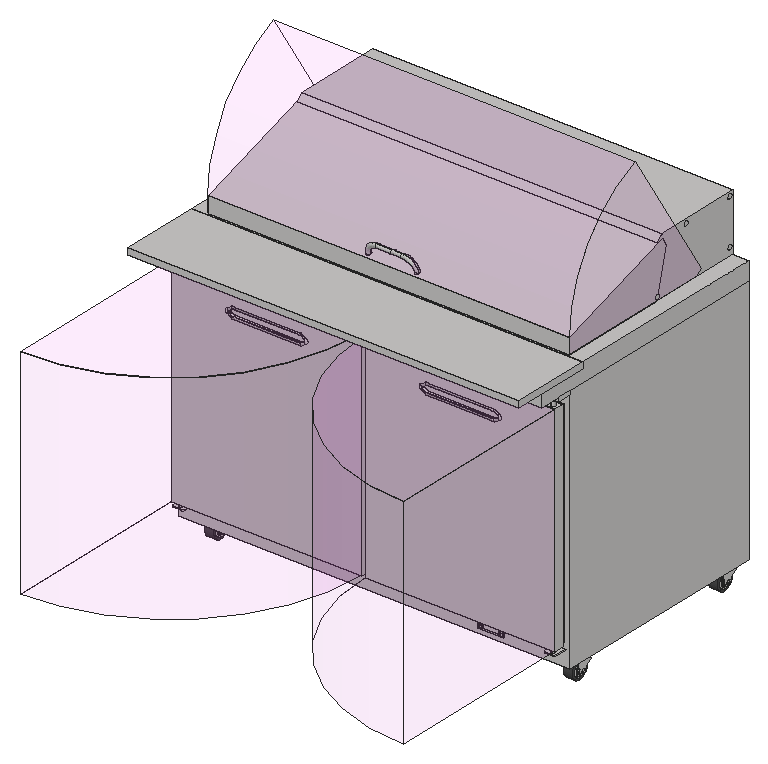
Revit family "QF_Kelvinator_738260_KCHMT48.18", category Specialty Equipment, Revit 2021
Family settings
  Round Connector Dimension = Use Diameter
  Part Type = Normal
  Work Plane-Based = No
  Always vertical = Yes
  Cut with Voids When Loaded = No
  Shared = No
  Room Calculation Point = No
Parameters
  Weight in Pounds = 227.076
  Weight = 103.00 lbm
  Watts = 0 W
  Volts = 115 V
  URL Manufacturer = "KELVINATOR"
  URL Cutsheet = ""
  URL = "KELVINATOR"
  Specification by User = ""
  Specification by Manufacturer = ""
  Serial Number = ""
  Seismic Rating = ""
  SMACNA No = ""
  Revision Code = ""
  Refrigerant Type = "R290"
  Phase = 1
  Number of Poles = 1
  NAFEM Spec ID Number = ""
  Model = "KCHMT48.18"
  Min Ckt Ampacity = 0 A
  Max Overcurrent Protection = 0 A
  Masterspec = ""
  Manufacturer = "Kelvinator"
  Length Actual = 1225"
  Length = 48 1/4"
  Item Number = "738260"
  Installed By = ""
  Identify Quantity as Lot = yes
  Height Actual = 1100"
  Height = 43.307"
  HP = "1 HP"
  Gas KW = 0
  Furnished By = ""
  Foodservice Equipment Identifier = yes
  FL Amps = 4.3 A
  Electrical Remarks = ""
  Electric Connection Type = ""
  Elec Conn RI Height = 0"
  Elec Conn Connection Height = 0"
  Description = "2-DOOR MEGA TOP PREP 48\" LONG 18-1/6 PAN "
  Depth Actual = 900"
  Depth = 35 7/16"
  Default Elevation = 0"
  Cycle = 60 Hz
  Conn Plug = "5-15P"
  Conn Conduit = yes
  CSI MasterFormat = ""
  Apparent Power = 0 VA
  Accessory = no
Reference planes (in)
  plane 1 "BACK": y = 0
  plane 2: z = 0
  plane 3 "LEFT": x = 0
  plane 4 "RIGHT": x = 48.25
  plane 5 "FRONT": y = -35.4375
  plane 6 "TOP": z = 43.307
  plane 7 "Center Y": x = 24.125
  plane 8 "Center X": y = -17.71875
Dimensions and locks (in)
  equal spacing: plane 3 "LEFT", plane 7 "Center Y", plane 4 "RIGHT"
  "Length": plane 3 "LEFT" to plane 4 "RIGHT"
  equal spacing: plane 5 "FRONT", plane 8 "Center X", plane 1 "BACK"
  "Depth": plane 5 "FRONT" to plane 1 "BACK"
  "Height": plane 6 "TOP" to level
  aligned and locked: level to plane 2
Nested families (in)
  nested 1: "KCHST" at (0, 0, 0), type "KCHST"
    with Show Clearance yes
Connectors (in)
  electrical at (24.103, -0.87772, 2.31881), driven by "Volts", driven by "Watts"
    settings: on nested 1, index 1, voltage 115 V, apparent load 0 VA, apparent load phase1 0 VA, apparent load phase2 0 VA, apparent load phase3 0 VA, power factor 1, load classification "Power", number of poles 1, system type 30, power factor state 1, is connector primary yes, connector utility no, sub classification motor no, connector description "Electrical Connection"
Definition of nested family "KCHST"
  Parameters (values of type "KCHST")
    Weight in Pounds = 0
    URL Cutsheet = ""
    Specification by User = ""
    Specification by Manufacturer = ""
    Show Clearance [instance] = yes
    Serial Number = ""
    Seismic Rating = ""
    SMACNA No = ""
    Revision Code = ""
    NAFEM Spec ID Number = ""
    Masterspec = ""
    Length = 48.228"
    Item Number = ""
    Installed By = ""
    Identify Quantity as Lot = yes
    Height = 43.307"
    Furnished By = ""
    Foodservice Equipment Identifier = yes
    Depth = 35.433"
    Default Elevation = 0"
    CSI MasterFormat = ""
  Reference planes (in)
    plane 1 "BACK": y = 0
    plane 2: z = 0
    plane 3 "LEFT": x = 0
    plane 4 "RIGHT": x = 48.228
    plane 5 "FRONT": y = -35.433
    plane 6 "TOP": z = 43.307
    plane 7 "Center Y": x = 24.114
    plane 8 "Center X": y = -17.7165
    plane 9: z = 3.1
    plane 10: z = 33.9
    plane 11: y = -25.5
    plane 12: z = 36.2
    plane 13: y = -56
    plane 14: y = -29.2
    plane 15: z = 32.4
    plane 16: z = 5.6
    plane 17: y = -27.5
    plane 18: x = 46.228
    plane 19: x = 2
    plane 20: x = 0.5
    plane 21: x = 47.75
    plane 22: x = 23.875
    plane 23: x = 0.74536
    plane 24: x = 23.62964
    plane 25: x = 12.1875
    plane 26: x = 47.50464
    plane 27: x = 24.62036
    plane 28: x = 36.0625
    plane 29: x = 46.375
    plane 30: x = 1.875
    plane 31: x = 1.945
    plane 32: x = 46.305
    plane 33: y = -31.9
    plane 34: x = 1.17596
    plane 35: through (0, -10.15325, 41.03734) normal (0, 0.9659, -0.2588)
    plane 36: x = 46.43
    plane 37: x = 1.82
  Forms (in)
    Extrusion 1, solid
      sketch origin (0, 0, 0) x (0, 1, 0) y (0, 0, 1)
        loop
          line (-27.5, 33.9) -> (-27.5, 3.1) -> (0, 3.1) -> (0, 33.9) -> (-27.5, 33.9)
      from 0 to 48.228
    Extrusion 2, solid
      sketch origin (0, 0, 0) x (0, 1, 0) y (0, 0, 1)
        loop
          line (-25.5, 36.2) -> (-25.5, 35.45) -> (-31.9, 35.45) -> (-31.9, 33.9) -> (0, 33.9) -> (0, 36.2) -> (-25.5, 36.2)
      from 0 to 48.228
    Extrusion 3, solid
      sketch origin (0, 0, 0) x (0, 1, 0) y (0, 0, 1)
        loop
          line (-35.433, 36.2) -> (-35.433, 35.45) -> (-25.5, 35.45) -> (-25.5, 36.2) -> (-35.433, 36.2)
      from 0 to 48.228
    Extrusion 4, solid
      sketch origin (0, 0, 0) x (0, 1, 0) y (0, 0, 1)
        loop
          line (-25.25, 36.2) -> (-12.40435, 36.2003)
          arc (-12.40435, 36.2003) -> (-12.06401, 36.30019) -> (-11.82007, 36.55768) r 0.68096
          line (-11.82007, 36.55768) -> (-10.4206, 41.90007) -> (-10.85311, 42.7135) -> (-25.25, 38.08871) -> (-25.25, 36.2)
      from 1.875 to 46.375
    Extrusion 5, solid
      sketch origin (0, 0, 0) x (0, 1, 0) y (0, 0, 1)
        loop
          line (-12.40434, 36.2) -> (0, 36.2) -> (0, 43.307) -> (-10.99775, 43.307) -> (-11.56426, 42.49794) -> (-10.85311, 42.7135) -> (-10.4206, 41.90007) -> (-11.82007, 36.55768)
          arc (-11.82007, 36.55768) -> (-12.06401, 36.30019) -> (-12.40434, 36.2) r 0.68096
      from 1.945 to 46.305
    Extrusion 6, solid
      sketch origin (46.375, 4.71875, 0) x (0, 1, 0) y (0, 0, 1)
        loop
          circle (-16.51178, 36.72547) r 0.25
      from 0 to 0.07437
    Extrusion 7, solid
      sketch origin (46.305, -0.03482, 0) x (0, 1, 0) y (0, 0, 1)
        loop
          circle (-0.51178, 37.22547) r 0.25
      from 0 to 0.07
    Extrusion 8, solid
      sketch origin (46.305, -0.03482, 0) x (0, 1, 0) y (0, 0, 1)
        loop
          circle (-0.51178, 42.84497) r 0.25
      from 0 to 0.07
    Extrusion 9, solid
      sketch origin (46.305, -0.03482, 0) x (0, 1, 0) y (0, 0, 1)
        loop
          circle (-7.26178, 42.84497) r 0.25
      from 0 to 0.07
    Extrusion 10, solid
      sketch origin (1.875, 4.71875, 0) x (0, -1, 0) y (0, 0, 1)
        loop
          circle (16.51178, 36.72547) r 0.25
      from 0 to 0.07437
    Extrusion 11, solid
      sketch origin (1.945, 0, 0) x (0, -1, 0) y (0, 0, 1)
        loop
          circle (0.5466, 37.22547) r 0.25
      from 0 to 0.07
    Extrusion 12, solid
      sketch origin (1.945, 0, 0) x (0, -1, 0) y (0, 0, 1)
        loop
          circle (0.5466, 42.84497) r 0.25
      from 0 to 0.07
    Extrusion 13, solid
      sketch origin (1.945, 0, 0) x (0, -1, 0) y (0, 0, 1)
        loop
          circle (7.2966, 42.84497) r 0.25
      from 0 to 0.07
    Sweep 14, solid
      path origin (0, 2.96099, 7.94805) x (1, 0, 0) y (0, -0.29008, 0.957002)
        loop
          line (21.8125, 37.02813) -> (21.8125, 37.18438)
          arc (21.8125, 37.18438) -> (22.03217, 37.71471) -> (22.5625, 37.93438) r 0.75
          line (22.5625, 37.93438) -> (24.4375, 37.93438) -> (25.6875, 37.93438)
          arc (25.6875, 37.93438) -> (26.21783, 37.71471) -> (26.4375, 37.18438) r 0.75
          line (26.4375, 37.18438) -> (26.4375, 37.02813)
      profile origin (25.0625, -8.04303, 44.25134) x (0, -0.29008, 0.957002) y (0, -0.957002, -0.29008)
        loop
          circle (0.69146, 17.59878) r 0.25
    Extrusion 15, solid
      sketch origin (0, 0, 0) x (0, 1, 0) y (0, 0, 1)
        loop
          line (-29.2, 33.9) -> (-29.2, 33.4) -> (-27.5, 33.4) -> (-27.5, 33.9) -> (-29.2, 33.9)
      from 0 to 48.228
    Extrusion 16, solid
      sketch origin (24.114, 6.90541, 48) x (0, 1, 0) y (0, 0, 1)
        loop
          line (-36.10541, -15.6) -> (-36.10541, -42.4) -> (-34.95211, -42.4) -> (-34.95211, -15.6) -> (-36.10541, -15.6)
      from -0.239 to -23.614
    Extrusion 17, solid
      sketch origin (0, 0, 0) x (0, 1, 0) y (0, 0, 1)
        loop
          line (-28.04671, 32.20449) -> (-28.04671, 5.81322) -> (-27.79671, 5.81322) -> (-27.79671, 32.20449) -> (-28.04671, 32.20449)
      from 0.74536 to 23.62964
    Extrusion 18, solid
      sketch origin (0, 0.25, 0) x (0, 1, 0) y (0, 0, 1)
        loop
          line (-28.04671, 32.20449) -> (-28.04671, 5.81322) -> (-27.864, 5.81322) -> (-27.864, 32.20449) -> (-28.04671, 32.20449)
      from 0.74536 to 23.62964
    Extrusion 19, solid
      sketch origin (0, 0.4327, 0) x (0, 1, 0) y (0, 0, 1)
        loop
          line (-28.04671, 32.20449) -> (-28.04671, 5.81322) -> (-27.9327, 5.81322) -> (-27.9327, 32.20449) -> (-28.04671, 32.20449)
      from 0.74536 to 23.62964
    Extrusion 20, solid
      sketch origin (-5.72957, -27.5, -4.77927) x (-1, 0, 0) y (0, 0, 1)
        loop
          line (-42.67533, 9.70772) -> (-45.82493, 9.70772) -> (-45.82493, 8.52662) -> (-42.67533, 8.52662) -> (-42.67533, 9.70772)
        loop
          line (-42.75407, 9.63107) -> (-43.14777, 9.63107) -> (-43.14777, 9.31193) -> (-42.75407, 9.31193) -> (-42.75407, 9.63107)
        loop
          line (-42.75407, 9.27674) -> (-43.14777, 9.27674) -> (-43.14777, 8.9576) -> (-42.75407, 8.9576) -> (-42.75407, 9.27674)
        loop
          line (-42.75407, 8.92241) -> (-43.14777, 8.92241) -> (-43.14777, 8.60327) -> (-42.75407, 8.60327) -> (-42.75407, 8.92241)
        loop
          line (-45.74619, 9.63107) -> (-45.74619, 9.31193) -> (-45.35249, 9.31193) -> (-45.35249, 9.63107) -> (-45.74619, 9.63107)
        loop
          line (-45.74619, 9.27674) -> (-45.74619, 8.9576) -> (-45.35249, 8.9576) -> (-45.35249, 9.27674) -> (-45.74619, 9.27674)
        loop
          line (-45.74619, 8.92241) -> (-45.74619, 8.60327) -> (-45.35249, 8.60327) -> (-45.35249, 8.92241) -> (-45.74619, 8.92241)
        loop
          line (-43.22525, 9.63107) -> (-45.27501, 9.63107) -> (-45.27501, 8.60716) -> (-43.22525, 8.60716) -> (-43.22525, 9.63107)
      from 0.07874 to -0.04602
    Extrusion 21, solid
      sketch origin (-5.72957, -27.54602, -4.77927) x (1, 0, 0) y (0, 0, 1)
        loop
          line (45.35249, 9.63107) -> (45.35249, 9.31193) -> (45.74619, 9.31193) -> (45.74619, 9.63107) -> (45.35249, 9.63107)
        loop
          line (45.35249, 9.27674) -> (45.35249, 8.9576) -> (45.74619, 8.9576) -> (45.74619, 9.27674) -> (45.35249, 9.27674)
        loop
          line (45.35249, 8.92241) -> (45.35249, 8.60327) -> (45.74619, 8.60327) -> (45.74619, 8.92241) -> (45.35249, 8.92241)
        loop
          line (43.14777, 9.63107) -> (42.75407, 9.63107) -> (42.75407, 9.31193) -> (43.14777, 9.31193) -> (43.14777, 9.63107)
        loop
          line (43.14777, 9.27674) -> (42.75407, 9.27674) -> (42.75407, 8.9576) -> (43.14777, 8.9576) -> (43.14777, 9.27674)
        loop
          line (43.14777, 8.92241) -> (42.75407, 8.92241) -> (42.75407, 8.60327) -> (43.14777, 8.60327) -> (43.14777, 8.92241)
      from 0 to -0.07874
    Extrusion 22, solid
      sketch origin (-5.72957, -27.54602, -4.77927) x (1, 0, 0) y (0, 0, 1)
        loop
          line (43.22525, 9.63107) -> (43.22525, 8.60716) -> (45.27501, 8.60716) -> (45.27501, 9.63107) -> (43.22525, 9.63107)
      from 0 to -0.07874
    Extrusion 23, void
      sketch origin (-5.72957, -27.5, -4.77927) x (-1, 0, 0) y (0, 0, 1)
        loop
          line (-42.67533, 9.70772) -> (-45.82493, 9.70772) -> (-45.82493, 8.52662) -> (-42.67533, 8.52662) -> (-42.67533, 9.70772)
      from 0 to 0.07874
    Extrusion 24, void
      sketch origin (-37.40318, -29.19996, 31.5181) x (0, 0, 1) y (1, 0, 0)
        loop
          line (-1.94791, 45.41568) -> (-1.94791, 53.76568) -> (-2.28604, 54.30668)
          arc (-2.28604, 54.30668) -> (-2.38541, 54.36176) -> (-2.48479, 54.30668) r 0.11719
          line (-2.48479, 54.30668) -> (-2.82291, 53.76568) -> (-2.82291, 45.41568) -> (-2.48621, 44.87696)
          arc (-2.48621, 44.87696) -> (-2.38541, 44.82109) -> (-2.28462, 44.87696) r 0.11887
          line (-2.28462, 44.87696) -> (-1.94791, 45.41568)
      from 0 to 0.31887
    Sweep 25, solid
      path origin (-37.40318, -26.39996, 31.5181) x (0, 0, -1) y (1, 0, 0)
        loop
          line (2.82291, 53.76568) -> (2.48479, 54.30668)
          arc (2.48479, 54.30668) -> (2.38541, 54.36176) -> (2.28604, 54.30668) r 0.11719
          line (2.28604, 54.30668) -> (1.94791, 53.76568) -> (1.94791, 45.41568) -> (2.28462, 44.87696)
          arc (2.28462, 44.87696) -> (2.38541, 44.82109) -> (2.48621, 44.87696) r 0.11887
          line (2.48621, 44.87696) -> (2.82291, 45.41568) -> (2.82291, 53.76568)
      profile origin (12.1875, -26.39996, 28.69519) x (0, 0, -1) y (0, -1, 0)
        loop
          line (0, 2.8) -> (0.25, 2.8)
          arc (0.25, 2.8) -> (0.125, 2.85269) -> (0, 2.8) r 0.17461
    Extrusion 26, solid
      sketch origin (-9.65625, -3.56521, 3.1) x (-1, 0, 0) y (0, 1, 0)
        loop
          circle (-33.75925, 2.68749) r 0.25
      from 0 to 0.78119
    Extrusion 27, solid
      sketch origin (24.114, 6.90541, 48) x (0, 1, 0) y (0, 0, -1)
        loop
          line (-36.10541, 15.6) -> (-34.95211, 15.6) -> (-34.95211, 42.4) -> (-36.10541, 42.4) -> (-36.10541, 15.6)
      from -0.25 to -23.625
    Extrusion 28, solid
      sketch origin (48.25, 0, 0) x (0, 1, 0) y (0, 0, -1)
        loop
          line (-28.04671, -32.20449) -> (-27.79671, -32.20449) -> (-27.79671, -5.81322) -> (-28.04671, -5.81322) -> (-28.04671, -32.20449)
      from 0.74536 to 23.62964
    Extrusion 29, solid
      sketch origin (48.25, 0.25, 0) x (0, 1, 0) y (0, 0, -1)
        loop
          line (-28.04671, -32.20449) -> (-27.864, -32.20449) -> (-27.864, -5.81322) -> (-28.04671, -5.81322) -> (-28.04671, -32.20449)
      from 0.74536 to 23.62964
    Extrusion 30, solid
      sketch origin (48.25, 0.4327, 0) x (0, 1, 0) y (0, 0, -1)
        loop
          line (-28.04671, -32.20449) -> (-27.9327, -32.20449) -> (-27.9327, -5.81322) -> (-28.04671, -5.81322) -> (-28.04671, -32.20449)
      from 0.74536 to 23.62964
    Extrusion 31, void
      sketch origin (85.65318, -29.19996, 31.5181) x (0, 0, 1) y (1, 0, 0)
        loop
          line (-1.94791, -45.41568) -> (-2.28462, -44.87696)
          arc (-2.28462, -44.87696) -> (-2.38541, -44.82109) -> (-2.48621, -44.87696) r 0.11887
          line (-2.48621, -44.87696) -> (-2.82291, -45.41568) -> (-2.82291, -53.76568) -> (-2.48479, -54.30668)
          arc (-2.48479, -54.30668) -> (-2.38541, -54.36176) -> (-2.28604, -54.30668) r 0.11719
          line (-2.28604, -54.30668) -> (-1.94791, -53.76568) -> (-1.94791, -45.41568)
      from 0 to 0.31887
    Sweep 32, solid
      path origin (85.65318, -26.39996, 31.5181) x (0, 0, -1) y (1, 0, 0)
        loop
          line (2.82291, -53.76568) -> (2.82291, -45.41568) -> (2.48621, -44.87696)
          arc (2.48621, -44.87696) -> (2.38541, -44.82109) -> (2.28462, -44.87696) r 0.11887
          line (2.28462, -44.87696) -> (1.94791, -45.41568) -> (1.94791, -53.76568) -> (2.28604, -54.30668)
          arc (2.28604, -54.30668) -> (2.38541, -54.36176) -> (2.48479, -54.30668) r 0.11719
          line (2.48479, -54.30668) -> (2.82291, -53.76568)
      profile origin (36.0625, -26.39996, 28.69519) x (0, 0, 1) y (0, -1, 0)
        loop
          arc (0, 2.8) -> (-0.125, 2.85269) -> (-0.25, 2.8) r 0.17461
          line (-0.25, 2.8) -> (0, 2.8)
    Extrusion 33, solid, visible <- "Show Clearance"
      sketch origin (1.875, -180, 49.90154) x (0, 0, 1) y (0, 1, 0)
        loop
          line (-13.70154, 154.75) -> (-11.81283, 154.75)
          arc (-11.81283, 154.75) -> (-2.75135, 157.51794) -> (3.21676, 164.87685) r 16.21638
          line (3.21676, 164.87685) -> (-13.07323, 175.00179) -> (-13.70154, 174.32802) -> (-13.70154, 154.75)
      from 0.055 to -44.555
    Extrusion 34, solid
      sketch origin (24.114, -28.04671, 5.6) x (-1, 0, 0) y (0, 1, 0)
        loop
          arc (0.239, -1.15329) -> (7.08538, -17.68191) -> (23.614, -24.52829) r 23.375
          line (23.614, -24.52829) -> (23.614, -1.15329) -> (0.239, -1.15329)
        loop
          line (-0.261, -1.15329) -> (-23.636, -1.15329) -> (-23.636, -24.52829)
          arc (-23.636, -24.52829) -> (-7.10738, -17.68191) -> (-0.261, -1.15329) r 23.375
      from 0 to -26.8
    Revolve 35, solid
      sketch origin (1.17596, -180, 34.96434) x (0, 0, 1) y (0, -1, 0)
        loop
          line (-2.56434, -151.37665) -> (-2.56434, -151.62665) -> (-1.81434, -151.62665) -> (-1.81434, -151.87665) -> (-1.56434, -151.87665) -> (-1.56434, -151.37665) -> (-2.56434, -151.37665)
        axis (-1.56434, -151.37665) -> (-2.56434, -151.37665)
      angle from 0 to 360
    Revolve 36, solid
      sketch origin (47.07404, -180, 34.96434) x (0, 0, 1) y (0, 1, 0)
        loop
          line (-2.56434, 151.37665) -> (-1.56434, 151.37665) -> (-1.56434, 151.87665) -> (-1.81434, 151.87665) -> (-1.81434, 151.62665) -> (-2.56434, 151.62665) -> (-2.56434, 151.37665)
        axis (-1.56434, 151.37665) -> (-2.56434, 151.37665)
      angle from 0 to 360
    Extrusion 37, solid
      sketch origin (1.17596, -28.62335, 5.1563) x (0, 1, 0) y (1, 0, 0)
        loop
          arc (0.95335, -0.67596) -> (1.07356, -0.62616) -> (1.12335, -0.50596) r 0.17
          line (1.12335, -0.50596) -> (1.12335, 0.92316)
          arc (1.12335, 0.92316) -> (1.05692, 1.05641) -> (0.91052, 1.08354) r 0.16684
          line (0.91052, 1.08354) -> (-0.4535, 0.69241)
          arc (-0.4535, 0.69241) -> (-0.54241, 0.63131) -> (-0.57665, 0.529) r 0.17
          line (-0.57665, 0.529) -> (-0.57665, -0.50596)
          arc (-0.57665, -0.50596) -> (-0.52685, -0.62616) -> (-0.40665, -0.67596) r 0.17
          line (-0.40665, -0.67596) -> (0.95335, -0.67596)
        loop
          line (0.95335, 46.57404) -> (-0.40665, 46.57404)
          arc (-0.40665, 46.57404) -> (-0.52685, 46.52425) -> (-0.57665, 46.40404) r 0.17
          line (-0.57665, 46.40404) -> (-0.57665, 45.36909)
          arc (-0.57665, 45.36909) -> (-0.54241, 45.26678) -> (-0.4535, 45.20568) r 0.17
          line (-0.4535, 45.20568) -> (0.91052, 44.81455)
          arc (0.91052, 44.81455) -> (1.05692, 44.84168) -> (1.12335, 44.97493) r 0.16684
          line (1.12335, 44.97493) -> (1.12335, 46.40404)
          arc (1.12335, 46.40404) -> (1.07356, 46.52425) -> (0.95335, 46.57404) r 0.17
      from 0 to 0.08076
    Revolve 38, solid
      sketch origin (1.17596, -180, 3.03566) x (0, 0, -1) y (0, 1, 0)
        loop
          line (-2.56434, 151.37665) -> (-2.12064, 151.37665) -> (-2.12064, 151.62665) -> (-2.56434, 151.62665) -> (-2.56434, 151.37665)
        axis (-2.12064, 151.37665) -> (-2.56434, 151.37665)
      angle from 0 to 360
    Revolve 39, solid
      sketch origin (47.07404, -180, 3.03566) x (0, 0, -1) y (0, -1, 0)
        loop
          line (-2.56434, -151.37665) -> (-2.56434, -151.62665) -> (-2.12064, -151.62665) -> (-2.12064, -151.37665) -> (-2.56434, -151.37665)
        axis (-2.12064, -151.37665) -> (-2.56434, -151.37665)
      angle from 0 to 360
  Cuts and joins
    Extrusion 23 cuts Extrusion 20
    Extrusion 24, Extrusion 31 cuts Extrusion 16
    Extrusion 31 cuts Extrusion 27
    joined: Extrusion 4, Sweep 14
  Lines and regions (in)
    symbolic lines
      curve 1: line (48.25, -35.433, 0) -> (48.25, 0, 0)
      curve 2: line (48.25, 0, 0) -> (0, 0, 0)
      curve 3: line (0, 0, 0) -> (0, -35.433, 0)
      curve 4: line (0, -25.5, 0) -> (25.94295, -25.5, 0)
      curve 5: line (0, -35.433, 0) -> (48.25, -35.433, 0)
      curve 6: line (0, -25.25, 0) -> (21.67592, -25.25, 0)
      curve 7: line (1.945, -11.09776, 0) -> (46.305, -11.09776, 0)
      curve 8: line (1.945, -10.53125, 0) -> (46.305, -10.53125, 0)
      curve 9: line (46.305, -11.09776, 0) -> (46.305, 0, 0)
      curve 10: line (46.375, -11.54303, 0) -> (46.44937, -11.54303, 0)
      curve 11: line (46.375, -12.04303, 0) -> (46.44937, -12.04303, 0)
      curve 12: line (46.375, -9.9541, 0) -> (46.305, -9.9541, 0)
      curve 13: line (46.375, -10.38661, 0) -> (46.305, -10.38661, 0)
      curve 14: line (46.375, -7.51178, 0) -> (46.305, -7.51178, 0)
      curve 15: line (46.375, -7.01178, 0) -> (46.305, -7.01178, 0)
      curve 16: line (46.375, -0.76178, 0) -> (46.305, -0.76178, 0)
      curve 17: line (46.375, -0.26178, 0) -> (46.305, -0.26178, 0)
      curve 18: spline (20.87104, -24.59101, 0) -> (20.87956, -24.53388, 0) -> (20.90453, -24.48064, 0) -> (20.94426, -24.43492, 0) -> (20.99604, -24.39984, 0) -> (21.05634, -24.37779, 0) -> (21.12104, -24.37027, 0) -> (21.18575, -24.37779, 0) -> (21.24604, -24.39984, 0) -> (21.29782, -24.43492, 0) -> (21.33755, -24.48064, 0) -> (21.36252, -24.53388, 0) -> (21.37104, -24.59101, 0)
      curve 19: spline (26.87896, -24.59101, 0) -> (26.88748, -24.53388, 0) -> (26.91245, -24.48064, 0) -> (26.95218, -24.43492, 0) -> (27.00396, -24.39984, 0) -> (27.06425, -24.37779, 0) -> (27.12896, -24.37027, 0) -> (27.19366, -24.37779, 0) -> (27.25396, -24.39984, 0) -> (27.30574, -24.43492, 0) -> (27.34547, -24.48064, 0) -> (27.37044, -24.53388, 0) -> (27.37896, -24.59101, 0)
      curve 20: line (24.125, -24.83838, 0) -> (25.74335, -24.83838, 0)
      curve 21: line (24.125, -25.33177, 0) -> (25.875, -25.33177, 0)
      curve 22: line (27.37896, -24.59101, 0) -> (27.37896, -24.6221, 0)
      curve 23: line (26.87896, -24.59101, 0) -> (26.87896, -24.6221, 0)
      curve 24: arc (27.37896, -24.6221, 0) -> (27.32166, -24.83675, 0) -> (27.19407, -25.01861, 0) r 0.63628
      curve 25: line (24.125, -24.83838, 0) -> (22.50665, -24.83838, 0)
      curve 26: line (24.125, -25.33177, 0) -> (22.375, -25.33177, 0)
      curve 27: line (20.87104, -24.59101, 0) -> (20.87104, -24.6221, 0)
      curve 28: line (21.37104, -24.59101, 0) -> (21.37104, -24.6221, 0)
      curve 29: arc (20.87104, -24.6221, 0) -> (20.92834, -24.83675, 0) -> (21.05593, -25.01861, 0) r 0.63628
      curve 30: line (26.57408, -25.25, 0) -> (48.25, -25.25, 0)
      curve 31: line (25.94295, -25.5, 0) -> (48.25, -25.5, 0)
      curve 32: line (46.375, -7.01178, 0) -> (46.375, -7.51178, 0)
      curve 33: line (46.375, -9.9541, 0) -> (46.375, -25.25, 0)
      curve 34: line (46.44937, -11.54303, 0) -> (46.44937, -12.04303, 0)
      curve 35: line (46.375, -0.76178, 0) -> (46.375, -0.26178, 0)
      curve 36: line (1.945, -11.09776, 0) -> (1.945, 0, 0)
      curve 37: line (1.875, -11.54303, 0) -> (1.80063, -11.54303, 0)
      curve 38: line (1.875, -12.04303, 0) -> (1.80063, -12.04303, 0)
      curve 39: line (1.875, -9.9541, 0) -> (1.945, -9.9541, 0)
      curve 40: line (1.875, -10.38661, 0) -> (1.945, -10.38661, 0)
      curve 41: line (1.875, -7.5466, 0) -> (1.945, -7.5466, 0)
      curve 42: line (1.875, -7.01178, 0) -> (1.945, -7.01178, 0)
      curve 43: line (1.875, -0.7966, 0) -> (1.945, -0.7966, 0)
      curve 44: line (1.875, -0.26178, 0) -> (1.945, -0.26178, 0)
      curve 45: line (1.875, -7.0466, 0) -> (1.875, -7.5466, 0)
      curve 46: line (1.875, -9.9541, 0) -> (1.875, -25.25, 0)
      curve 47: line (1.80063, -11.54303, 0) -> (1.80063, -12.04303, 0)
      curve 48: line (1.875, -0.76178, 0) -> (1.875, -0.26178, 0)
      curve 49: arc (26.87896, -24.6221, 0) -> (26.69483, -24.70788, 0) -> (26.49865, -24.76053, 0) r 1.17053
      curve 50: arc (26.49865, -24.76053, 0) -> (26.23891, -24.79945, 0) -> (25.97747, -24.82452, 0) r 4.94283
      curve 51: arc (25.97747, -24.82452, 0) -> (25.86044, -24.83203, 0) -> (25.74335, -24.83838, 0) r 11.84778
      curve 52: arc (27.19407, -25.01861, 0) -> (26.97176, -25.13471, 0) -> (26.73381, -25.21397, 0) r 1.57185
      curve 53: arc (26.73381, -25.21397, 0) -> (26.30751, -25.29552, 0) -> (25.875, -25.33177, 0) r 4.1201
      curve 54: line (21.37104, -24.59101, 0) -> (21.37104, -24.6221, 0)
      curve 55: arc (21.37104, -24.6221, 0) -> (21.55517, -24.70788, 0) -> (21.75135, -24.76053, 0) r 1.17053
      curve 56: arc (21.75135, -24.76053, 0) -> (22.01109, -24.79945, 0) -> (22.27253, -24.82452, 0) r 4.94283
      curve 57: arc (22.27253, -24.82452, 0) -> (22.38956, -24.83203, 0) -> (22.50665, -24.83838, 0) r 11.84778
      curve 58: arc (21.05593, -25.01861, 0) -> (21.27824, -25.13471, 0) -> (21.51619, -25.21397, 0) r 1.57185
      curve 59: arc (21.51619, -25.21397, 0) -> (21.94249, -25.29552, 0) -> (22.375, -25.33177, 0) r 4.1201
      curve 60: arc (23.02866, -35.433, 0) -> (22.05919, -38.23281, 0) -> (20.74334, -40.8875, 0) r 23.375
      curve 61: line (11.29587, -35.433, 0) -> (20.74334, -40.8875, 0)
      curve 62: arc (25.22134, -35.433, 0) -> (26.19081, -38.23281, 0) -> (27.50666, -40.8875, 0) r 23.375
      curve 63: line (36.95413, -35.433, 0) -> (27.50666, -40.8875, 0)
  Dimensions and locks (in)
    equal spacing: plane 3 "LEFT", plane 7 "Center Y", plane 4 "RIGHT"
    "Length": plane 3 "LEFT" to plane 4 "RIGHT"
    equal spacing: plane 5 "FRONT", plane 8 "Center X", plane 1 "BACK"
    "Depth": plane 5 "FRONT" to plane 1 "BACK"
    "Height": plane 6 "TOP" to level
    level to plane 9 = 3.1"
    plane 10 to plane 9 = 30.8"
    plane 6 "TOP" to plane 10 = 9.407"
    plane 5 "FRONT" to plane 1 "BACK" = 35.433"
    plane 11 to plane 1 "BACK" = 25 1/2"
    plane 10 to plane 12 = 2.3"
    plane 13 to plane 1 "BACK" = 56"
    plane 16 to plane 15 = 26.8"
    locked: plane 4 "RIGHT" to plane 18 at 2
    locked: plane 3 "LEFT" to plane 19 at 2
    plane 20 to plane 21 = 47 1/4"
    plane 30 to plane 29 = 44 1/2"
    plane 33 to plane 1 "BACK" = 31.9"
    Extrusion 33 to plane 36 = 0"
    aligned and locked: level to plane 2
    aligned and locked: plane 18 to nested 3
    aligned and locked: plane 18 to nested 1
    aligned and locked: nested 4 to plane 19
    aligned and locked: nested 2 to plane 19
    aligned and locked: Extrusion 1 to plane 4 "RIGHT"
    aligned and locked: Extrusion 2 to plane 4 "RIGHT"
    aligned and locked: Extrusion 15 to plane 4 "RIGHT"
    aligned and locked: Extrusion 3 to plane 4 "RIGHT"
    aligned and locked: cut or joined group of Extrusion 16, Extrusion 24, Extrusion 31 to plane 20
    aligned and locked: plane 22 to cut or joined group of Extrusion 16, Extrusion 24, Extrusion 31
    aligned and locked: Extrusion 18 to plane 24
    aligned and locked: Extrusion 17 to plane 24
    aligned and locked: Extrusion 19 to plane 24
    aligned and locked: plane 27 to Extrusion 29
    aligned and locked: plane 27 to Extrusion 28
    aligned and locked: plane 27 to Extrusion 30
    aligned and locked: cut or joined group of Extrusion 4, Sweep 14 to plane 29
    aligned and locked: plane 30 to cut or joined group of Extrusion 4, Sweep 14
    aligned and locked: plane 31 to Extrusion 5
    aligned and locked: Extrusion 5 to plane 32
  Automatic sketch dimensions
    plane 9 to Extrusion 1 sketch curve = 0"
    Extrusion 1 sketch curve to plane 17 = 0"
    Extrusion 1 sketch curve to plane 1 "BACK" = 0"
    Extrusion 1 sketch curve to plane 10 = 0"
    Extrusion 2 sketch curve to plane 10 = 0"
    Extrusion 2 sketch curve to plane 33 = 0"
    Extrusion 2 sketch curve to plane 11 = 0"
    Extrusion 2 sketch curve to plane 1 "BACK" = 0"
    plane 12 to Extrusion 2 sketch curve = 0"
    Extrusion 2 sketch curve to Extrusion 2 sketch curve = 3/4"
    Extrusion 3 sketch curve to plane 5 "FRONT" = 0"
    Extrusion 3 sketch curve to plane 11 = 0"
    plane 12 to Extrusion 3 sketch curve = 0"
    Extrusion 3 sketch curve to Extrusion 3 sketch curve = 3/4"
    plane 12 to Extrusion 4 sketch curve = 0"
    Extrusion 4 sketch curve to plane 11 = 1/4"
    Extrusion 4 sketch curve to plane 12 = 0.6811"
    plane 8 "Center X" to Extrusion 4 sketch curve = 5.29717"
    Extrusion 4 sketch curve to plane 12 = 0.35768"
    Extrusion 4 sketch curve to Extrusion 4 sketch curve = 0.59925"
    Extrusion 4 sketch curve to plane 6 "TOP" = 0.5935"
    Extrusion 4 sketch curve to Extrusion 4 sketch curve = 1.56621"
    Extrusion 4 sketch curve to plane 6 "TOP" = 1.40693"
    Extrusion 4 sketch curve to Extrusion 4 sketch curve = 0.43251"
    Extrusion 4 sketch curve to plane 12 = 1.88871"
    Extrusion 4 sketch curve to plane 12 = 0.0003"
    Extrusion 4 sketch curve to Extrusion 4 sketch curve = 0"
    plane 12 to Extrusion 5 sketch curve = 0"
    Extrusion 5 sketch curve to plane 6 "TOP" = 0"
    Extrusion 5 sketch curve to plane 1 "BACK" = 0"
    Extrusion 5 sketch curve to plane 6 "TOP" = 1.40693"
    plane 8 "Center X" to Extrusion 5 sketch curve = 7.2959"
    Extrusion 5 sketch curve to plane 6 "TOP" = 0.5935"
    Extrusion 5 sketch curve to Extrusion 5 sketch curve = 0.43251"
    Extrusion 5 sketch curve to Extrusion 5 sketch curve = 0.14464"
    Extrusion 5 sketch curve to plane 6 "TOP" = 0.80906"
    Extrusion 5 sketch curve to Extrusion 5 sketch curve = 0.71115"
    Extrusion 5 sketch curve to plane 12 = 0.35768"
    Extrusion 5 sketch curve to Extrusion 5 sketch curve = 1.39947"
    Extrusion 5 sketch curve to Extrusion 5 sketch curve = 0.59925"
    Extrusion 5 sketch curve to Extrusion 5 sketch curve = 0.32342"
    Extrusion 5 sketch curve to Extrusion 5 sketch curve = 0.01499"
    Extrusion 5 sketch curve to plane 12 = 0.0003"
    Extrusion 6 sketch curve to Extrusion 4 = 0.52547"
    Extrusion 6 sketch curve to Extrusion 4 = 13.45697"
    Extrusion 7 sketch curve to Extrusion 5 = 0.5466"
    Extrusion 7 sketch curve to Extrusion 5 = 1.02547"
    Extrusion 8 sketch curve to Extrusion 5 = 0.5466"
    Extrusion 8 sketch curve to Extrusion 5 = 0.46203"
    Extrusion 9 sketch curve to Extrusion 5 = 0.46203"
    Extrusion 9 sketch curve to Extrusion 5 = 7.2966"
    Extrusion 10 sketch curve to Extrusion 4 = 0.52547"
    Extrusion 10 sketch curve to Extrusion 4 = 13.45697"
    Extrusion 11 sketch curve to Extrusion 5 = 0.5466"
    Extrusion 11 sketch curve to Extrusion 5 = 1.02547"
    Extrusion 12 sketch curve to Extrusion 5 = 0.5466"
    Extrusion 12 sketch curve to Extrusion 5 = 0.46203"
    Extrusion 13 sketch curve to Extrusion 5 = 0.46203"
    Extrusion 13 sketch curve to Extrusion 5 = 7.2966"
    plane 24 to Sweep 14 sketch curve = 1.81714"
    Sweep 14 sketch curve to Sweep 14 sketch curve = 3/4"  (x2)
    Sweep 14 sketch curve to plane 27 = 0.18286"
    plane 27 to Sweep 14 sketch curve = 1.06714"
    Sweep 14 sketch curve to Sweep 14 sketch curve = 5/32"  (x2)
    Sweep 14 sketch curve to profile plane = 0.69146"
    profile plane to Sweep 14 sketch curve = 17.59878"
    Extrusion 15 sketch curve to plane 10 = 0"
    Extrusion 15 sketch curve to plane 14 = 0"
    Extrusion 15 sketch curve to plane 17 = 0"
    Extrusion 15 sketch curve to Extrusion 15 sketch curve = 1/2"
    Extrusion 16 sketch curve to plane 14 = 0"
    plane 16 to Extrusion 16 sketch curve = 0"
    plane 15 to Extrusion 16 sketch curve = 0"
    Extrusion 16 sketch curve to plane 17 = 0.54671"
    Extrusion 17 sketch curve to plane 16 = 0.21322"
    Extrusion 17 sketch curve to plane 17 = 0.54671"
    Extrusion 17 sketch curve to Extrusion 17 sketch curve = 1/4"
    plane 15 to Extrusion 17 sketch curve = 0.19551"
    Extrusion 18 sketch curve to plane 17 = 0.29671"
    Extrusion 18 sketch curve to plane 17 = 0.114"
    Extrusion 18 sketch curve to plane 16 = 0.21322"
    plane 15 to Extrusion 18 sketch curve = 0.19551"
    Extrusion 19 sketch curve to plane 17 = 0"
    Extrusion 19 sketch curve to Extrusion 19 sketch curve = 0.114"
    Extrusion 19 sketch curve to plane 16 = 0.21322"
    plane 15 to Extrusion 19 sketch curve = 0.19551"
    plane 16 to Extrusion 20 sketch curve = 0.67154"
    Extrusion 20 sketch curve to plane 28 = 4.03286"
    Extrusion 20 sketch curve to Extrusion 20 sketch curve = 0.07874"  (x3)
    Extrusion 20 sketch curve to Extrusion 20 sketch curve = 0"  (x8)
    Extrusion 20 sketch curve to Extrusion 20 sketch curve = 0.3937"  (x2)
    Extrusion 20 sketch curve to Extrusion 20 sketch curve = 0.07748"  (x3)
    Extrusion 20 sketch curve to plane 28 = 1.43318"
    Extrusion 20 sketch curve to Extrusion 20 sketch curve = 0.07665"  (x2)
    Extrusion 20 sketch curve to Extrusion 20 sketch curve = 0.31914"  (x6)
    Extrusion 20 sketch curve to Extrusion 20 sketch curve = 0.03519"  (x4)
    Extrusion 20 sketch curve to Extrusion 20 sketch curve = 0.31525"
    Extrusion 20 to Extrusion 21 sketch curve = 0"  (x10)
    Extrusion 21 sketch curve to Extrusion 20 = 0"  (x14)
    Extrusion 22 sketch curve to Extrusion 20 = 0"  (x3)
    Extrusion 20 to Extrusion 22 sketch curve = 0"
    plane 16 to Extrusion 23 sketch curve = 0.67154"
    Extrusion 23 sketch curve to plane 28 = 4.03286"
    Extrusion 23 sketch curve to plane 28 = 0.88326"
    Extrusion 23 sketch curve to plane 9 = 0.64735"
    plane 15 to Extrusion 24 sketch curve = 3.70481"
    Extrusion 24 sketch curve to Extrusion 24 sketch curve = 0.3367"
    Extrusion 24 sketch curve to Extrusion 24 sketch curve = 0.33813"  (x2)
    Extrusion 24 sketch curve to Extrusion 24 sketch curve = 0.09937"  (x2)
    Extrusion 24 sketch curve to Extrusion 24 sketch curve = 0.1008"  (x2)
    Extrusion 24 sketch curve to plane 25 = 4.71372"
    Extrusion 24 sketch curve to Extrusion 24 sketch curve = 0.063"
    Extrusion 24 sketch curve to Extrusion 24 sketch curve = 0.53872"  (x2)
    plane 25 to Extrusion 24 sketch curve = 4.175"
    Extrusion 24 sketch curve to Extrusion 24 sketch curve = 0"
    Extrusion 24 sketch curve to Extrusion 24 sketch curve = 0.47889"
    Extrusion 24 sketch curve to Extrusion 24 sketch curve = 0.06211"
    plane 15 to Sweep 25 sketch curve = 2.82981"
    Sweep 25 sketch curve to Sweep 25 sketch curve = 0.3367"
    Sweep 25 sketch curve to Sweep 25 sketch curve = 0.33813"  (x2)
    Sweep 25 sketch curve to Sweep 25 sketch curve = 0.09937"  (x2)
    Sweep 25 sketch curve to Sweep 25 sketch curve = 0.1008"  (x2)
    Sweep 25 sketch curve to plane 25 = 4.71372"
    Sweep 25 sketch curve to Sweep 25 sketch curve = 0.063"
    Sweep 25 sketch curve to Sweep 25 sketch curve = 0.53872"  (x2)
    plane 25 to Sweep 25 sketch curve = 4.175"
    Sweep 25 sketch curve to Sweep 25 sketch curve = 0"
    Sweep 25 sketch curve to Sweep 25 sketch curve = 0.47889"
    Sweep 25 sketch curve to Sweep 25 sketch curve = 0.06211"
    Sweep 25 sketch curve to profile plane = 0"
    Sweep 25 sketch curve to profile plane = 1/8"
    profile plane to Sweep 25 sketch curve = 2.67809"
    Sweep 25 sketch curve to Sweep 25 sketch curve = 0.12191"
    Extrusion 1 to Extrusion 26 sketch curve = 0.87772"
    Extrusion 26 sketch curve to Extrusion 1 = 24 1/8"
    Extrusion 27 sketch curve to plane 14 = 0"
    plane 16 to Extrusion 27 sketch curve = 0"
    plane 15 to Extrusion 27 sketch curve = 0"
    Extrusion 27 sketch curve to plane 17 = 0.54671"
    Extrusion 28 sketch curve to plane 16 = 0.21322"
    Extrusion 28 sketch curve to plane 17 = 0.54671"
    Extrusion 28 sketch curve to Extrusion 28 sketch curve = 1/4"
    plane 15 to Extrusion 28 sketch curve = 0.19551"
    Extrusion 29 sketch curve to plane 17 = 0.29671"
    Extrusion 29 sketch curve to plane 17 = 0.114"
    plane 15 to Extrusion 29 sketch curve = 0.19551"
    Extrusion 29 sketch curve to plane 16 = 0.21322"
    Extrusion 30 sketch curve to plane 17 = 0"
    Extrusion 30 sketch curve to Extrusion 30 sketch curve = 0.114"
    plane 15 to Extrusion 30 sketch curve = 0.19551"
    Extrusion 30 sketch curve to plane 16 = 0.21322"
    plane 15 to Extrusion 31 sketch curve = 3.70481"
    Extrusion 31 sketch curve to Extrusion 31 sketch curve = 0.3367"
    Extrusion 31 sketch curve to Extrusion 31 sketch curve = 0.33813"  (x2)
    Extrusion 31 sketch curve to Extrusion 31 sketch curve = 0.09937"  (x2)
    Extrusion 31 sketch curve to Extrusion 31 sketch curve = 0.1008"  (x2)
    plane 28 to Extrusion 31 sketch curve = 4.716"
    Extrusion 31 sketch curve to Extrusion 31 sketch curve = 0.06211"
    Extrusion 31 sketch curve to Extrusion 31 sketch curve = 0.541"  (x2)
    Extrusion 31 sketch curve to plane 28 = 4.175"
    Extrusion 31 sketch curve to Extrusion 31 sketch curve = 0"
    Extrusion 31 sketch curve to Extrusion 31 sketch curve = 0.47572"
    Extrusion 31 sketch curve to Extrusion 31 sketch curve = 0.063"
    plane 15 to Sweep 32 sketch curve = 2.82981"
    Sweep 32 sketch curve to Sweep 32 sketch curve = 0.3367"
    Sweep 32 sketch curve to Sweep 32 sketch curve = 0.33813"  (x2)
    Sweep 32 sketch curve to Sweep 32 sketch curve = 0.09937"  (x2)
    Sweep 32 sketch curve to Sweep 32 sketch curve = 0.1008"  (x2)
    plane 28 to Sweep 32 sketch curve = 4.716"
    Sweep 32 sketch curve to Sweep 32 sketch curve = 0.06211"
    Sweep 32 sketch curve to Sweep 32 sketch curve = 0.541"  (x2)
    Sweep 32 sketch curve to plane 28 = 4.175"
    Sweep 32 sketch curve to Sweep 32 sketch curve = 0"
    Sweep 32 sketch curve to Sweep 32 sketch curve = 0.47572"
    Sweep 32 sketch curve to Sweep 32 sketch curve = 0.063"
    profile plane to Sweep 32 sketch curve = 0"
    profile plane to Sweep 32 sketch curve = 1/8"
    profile plane to Sweep 32 sketch curve = 2.67809"
    Sweep 32 sketch curve to Sweep 32 sketch curve = 0.12191"
    Extrusion 16 to Extrusion 34 sketch curve = 0"  (x2)
    Extrusion 34 sketch curve to Extrusion 16 = 0"  (x2)
    Extrusion 34 sketch curve to Extrusion 34 sketch curve = 1/2"
    Extrusion 16 to Extrusion 34 sketch curve = 23 3/8"
    plane 15 to Revolve 35 sketch curve = 0"
    Revolve 35 sketch curve to plane 10 = 3/4"
    Revolve 35 sketch curve to Revolve 35 sketch curve = 1/4"  (x3)
    Revolve 35 sketch curve to plane 17 = 0.62335"
    Revolve 35 sketch curve to Revolve 35 sketch curve = 0.18797"
    Revolve 35 sketch curve to Revolve 35 sketch curve = 0"  (x2)
    plane 15 to Revolve 36 sketch curve = 0"
    Revolve 36 sketch curve to plane 10 = 3/4"
    Revolve 36 sketch curve to Revolve 36 sketch curve = 1/4"  (x3)
    plane 14 to Revolve 36 sketch curve = 0.57665"
    Revolve 36 sketch curve to Revolve 36 sketch curve = 0.18797"
    Revolve 36 sketch curve to Revolve 36 sketch curve = 0"  (x2)
    Revolve 38 sketch curve to plane 16 = 0"
    plane 14 to Revolve 38 sketch curve = 0.57665"
    Revolve 38 sketch curve to Revolve 38 sketch curve = 1/4"
    Revolve 38 sketch curve to Revolve 38 sketch curve = 0.36833"
    Revolve 38 sketch curve to Revolve 38 sketch curve = 0.5563"
    Revolve 38 sketch curve to Revolve 38 sketch curve = 0"
    Revolve 39 sketch curve to plane 16 = 0"
    Revolve 39 sketch curve to Revolve 39 sketch curve = 1/4"
    Revolve 39 sketch curve to Revolve 39 sketch curve = 0.36833"
    Revolve 39 sketch curve to Revolve 39 sketch curve = 0.5563"
    Revolve 39 sketch curve to Revolve 39 sketch curve = 0"
    Extrusion 37 sketch curve to Revolve 38 = 46.40404"
    Revolve 38 to Extrusion 37 sketch curve = 0.50596"  (x2)
    Extrusion 37 sketch curve to Extrusion 37 sketch curve = 0"
    Extrusion 37 sketch curve to Revolve 38 = 45.20568"
    Extrusion 37 sketch curve to Extrusion 37 sketch curve = 0.12314"  (x2)
    Extrusion 37 sketch curve to Revolve 38 = 0.69241"
    Extrusion 37 sketch curve to Extrusion 37 sketch curve = 0.17"  (x4)
    Extrusion 37 sketch curve to Revolve 38 = 1.08354"
    Extrusion 37 sketch curve to Extrusion 37 sketch curve = 1.36403"  (x2)
    Extrusion 37 sketch curve to Revolve 38 = 44.81455"
    Extrusion 37 sketch curve to Extrusion 37 sketch curve = 1.36"  (x2)
    Extrusion 37 sketch curve to Extrusion 37 sketch curve = 0.04599"
    Extrusion 37 sketch curve to Extrusion 37 sketch curve = 0.16684"  (x2)
    plane 16 to Revolve 38 sketch curve = 0.4437"
    plane 16 to Revolve 39 sketch curve = 0.4437"
    plane 14 to Revolve 39 sketch curve = 0.82665"
    plane 16 to Extrusion 33 sketch curve = 30.6"
    Extrusion 33 sketch curve to Extrusion 33 sketch curve = 0.6283"
    Extrusion 33 sketch curve to Extrusion 33 sketch curve = 1.88871"
    plane 15 to Extrusion 33 sketch curve = 20.7183"
    Extrusion 33 sketch curve to plane 1 "BACK" = 4.99821"
    Extrusion 33 sketch curve to Extrusion 33 sketch curve = 0.67377"
    Extrusion 33 sketch curve to Extrusion 33 sketch curve = 3.36164"
    Extrusion 33 sketch curve to Extrusion 33 sketch curve = 6.08954"
    curve 6 to plane 3 "LEFT" = 0"
    curve 60 to plane 14 = 0"
    curve 60 to plane 20 = 0"
    curve 44 to plane 30 = 0"
    curve 45 to plane 30 = 0"
    curve 43 to plane 30 = 0"
    curve 42 to plane 30 = 0"
    curve 37 to plane 30 = 0"
    curve 40 to plane 31 = 0"
    plane 11 to curve 31 = 0"
    curve 8 to plane 32 = 0"
    curve 17 to plane 29 = 0"
    curve 15 to plane 29 = 0"
    curve 33 to plane 29 = 0"
    curve 62 to plane 14 = 0"
    curve 62 to plane 21 = 0"
    plane 1 "BACK" to curve 2 = 0"
    plane 30 to curve 47 = 0.07437"
    plane 24 to curve 61 = 2.88629"
    curve 27 to plane 11 = 0.8779"
    plane 24 to curve 27 = 2.7586"
    curve 18 to curve 54 = 1/2"
    curve 18 to curve 29 = 0.13396"
    curve 29 to curve 58 = 0.38741"
    curve 58 to curve 55 = 0.0631"
    curve 26 to plane 11 = 0.16823"
    curve 29 to curve 26 = 0.87"
    plane 24 to curve 59 = 1.1273"
    curve 26 to curve 25 = 0.13165"
    plane 24 to curve 56 = 1.01617"
    plane 24 to curve 57 = 0.53989"
    plane 7 "Center Y" to curve 26 = 0.011"
    plane 7 "Center Y" to curve 25 = 0.011"
    plane 27 to curve 51 = 0.53989"
    plane 27 to curve 50 = 1.01617"
    curve 20 to plane 11 = 0.66162"
    plane 27 to curve 20 = 1.12298"
    plane 27 to curve 53 = 1.1273"
    curve 20 to curve 21 = 0.13165"
    curve 21 to curve 31 = 0.06795"
    curve 20 to curve 49 = 0.55114"
    curve 49 to curve 52 = 0.0631"
    curve 52 to curve 24 = 0.38741"
    curve 24 to curve 23 = 0.13396"
    curve 23 to curve 22 = 1/2"
    plane 27 to curve 63 = 2.88629"
    curve 10 to curve 34 = 0.07437"
    curve 5 to plane 4 "RIGHT" = 0.022"
    curve 1 to plane 5 "FRONT" = 0"
    plane 5 "FRONT" to curve 63 = 5.4545"
    plane 5 "FRONT" to curve 61 = 5.4545"
    curve 22 to plane 11 = 0.8779"
    curve 27 to curve 54 = 0"
    curve 23 to curve 24 = 0"
    curve 23 to curve 23 = 0.03109"
    curve 28 to curve 28 = 0.03109"
    curve 19 to curve 24 = 0.02317"
    curve 18 to curve 29 = 0.02317"
    curve 29 to curve 58 = 0.88003"
    curve 24 to curve 52 = 0.88003"
    curve 52 to curve 49 = 0.07988"
    curve 58 to curve 55 = 0.07988"
    curve 55 to curve 59 = 2.3943"
    curve 49 to curve 53 = 2.3943"
    curve 59 to curve 56 = 1.32018"
    curve 53 to curve 50 = 1.32018"
    plane 8 "Center X" to curve 57 = 4.71155"
    curve 57 to curve 51 = 0"
    plane 8 "Center X" to curve 38 = 5.67347"
    plane 8 "Center X" to curve 11 = 5.67347"
    curve 11 to curve 34 = 1/2"
    curve 38 to curve 37 = 1/2"
    curve 10 to curve 7 = 0.44527"
    curve 7 to curve 39 = 1.14366"
    curve 7 to curve 12 = 1.14366"
    curve 39 to curve 45 = 2.4075"
    curve 12 to curve 14 = 2.44232"
    curve 14 to curve 32 = 1/2"
    plane 1 "BACK" to curve 35 = 0.76178"
    plane 1 "BACK" to curve 17 = 0.26178"
    plane 1 "BACK" to curve 48 = 0.26178"
    curve 61 to plane 25 = 0.89163"
    curve 29 to curve 18 = 0.06511"
    curve 59 to curve 6 = 0.15973"
    curve 56 to curve 55 = 0"
    curve 50 to curve 51 = 0"
    curve 30 to curve 53 = 0.15973"
    curve 52 to curve 53 = 0"
    curve 63 to plane 28 = 0.89163"
    curve 7 to curve 8 = 0.56651"
    curve 8 to curve 40 = 0.14464"
    curve 8 to curve 13 = 0.14464"
    curve 41 to curve 45 = 1/2"
    curve 45 to curve 42 = 0.03482"
    curve 43 to curve 44 = 0.53482"
    curve 43 to curve 48 = 0.03482"
    radius of Extrusion 6 sketch curve = 1/4"
    radius of Extrusion 7 sketch curve = 1/4"
    radius of Extrusion 8 sketch curve = 1/4"
    radius of Extrusion 9 sketch curve = 1/4"
    radius of Extrusion 10 sketch curve = 1/4"
    radius of Extrusion 11 sketch curve = 1/4"
    radius of Extrusion 12 sketch curve = 1/4"
    radius of Extrusion 13 sketch curve = 1/4"
    radius of Sweep 14 sketch curve = 1/4"
    radius of Extrusion 26 sketch curve = 1/4"
  Nested families (in)
    nested 1: "3 INCHES 01_CASTER" at (46.228, -24.75, 0), type "3 INCHES 01_CASTER"
      with Type Mark "", Specification by User "", Revision Code "", Item Number "", Installed By "", Identify Quantity as Lot yes, Furnished By "", Foodservice Equipment Identifier yes, 3 Inches Caster yes
    nested 2: "3 INCHES 01_CASTER" at (2, -24.75, 0), type "3 INCHES 01_CASTER"
      with Type Mark "", Specification by User "", Revision Code "", Item Number "", Installed By "", Identify Quantity as Lot yes, Furnished By "", Foodservice Equipment Identifier yes, 3 Inches Caster yes
    nested 3: "3 INCHES 01_CASTER" at (46.228, -2.375, 0), type "3 INCHES 01_CASTER"
      with Type Mark "", Specification by User "", Revision Code "", Item Number "", Installed By "", Identify Quantity as Lot yes, Furnished By "", Foodservice Equipment Identifier yes, 3 Inches Caster yes
    nested 4: "3 INCHES 01_CASTER" at (2, -2.375, 0), type "3 INCHES 01_CASTER"
      with Type Mark "", Specification by User "", Revision Code "", Item Number "", Installed By "", Identify Quantity as Lot yes, Furnished By "", Foodservice Equipment Identifier yes, 3 Inches Caster yes
  Definition of nested family "3 INCHES 01_CASTER"
    Parameters (values of type "3 INCHES 01_CASTER")
      Weight = ""
      URL Manufacturer = ""
      URL Cutsheet = ""
      URL = ""
      Type Mark [instance] = ""
      Specification by User [instance] = ""
      Specification by Manufacturer = ""
      Serial Number = ""
      Seismic Rating = ""
      SMACNA No = ""
      Revision Code [instance] = ""
      Omniclass Number and Title = ""
      NAFEM Spec ID Number = ""
      Model = ""
      MasterSpec. = ""
      Manufacturer = ""
      Item Number [instance] = ""
      Installed By [instance] = ""
      Identify Quantity as Lot [instance] = yes
      Furnished By [instance] = ""
      Foodservice Equipment Identifier [instance] = yes
      Description = ""
      Default Elevation = 0"
      CSI MasterFormat = ""
      CSI Master Format = ""
      Assembly Code = ""
      3 Inches Caster [instance] = yes
    Reference planes (in)
      plane 1: z = 0
      plane 2 "RIGHT": x = 0
      plane 3 "FRONT": y = 0
      plane 4 "TOP": z = 3.1
    Forms (in)
      Revolve 1, solid, visible <- "3 Inches Caster"
        sketch origin (-1.93794, 0.56004, -1.0041) x (1, 0, 0) y (0, 0, 1)
          loop
            line (0.74055, 2.11347) -> (0.74055, 2.03797) -> (0.79055, 1.98797) -> (0.85055, 1.98797) -> (0.85055, 1.8679) -> (1.235, 1.8679) -> (1.235, 1.7068) -> (1.36441, 1.63209) -> (1.4003, 1.41035) -> (1.34375, 1.41035) -> (1.34375, 1.28535) -> (1.375, 1.28535) -> (1.375, 1.0041) -> (2.48438, 1.0041) -> (2.48438, 1.28535) -> (2.51563, 1.28535) -> (2.51563, 1.41035) -> (2.45908, 1.41035) -> (2.49553, 1.6356) -> (2.62438, 1.70999) -> (2.62438, 1.8679) -> (3.04007, 1.8679) -> (3.04007, 1.98797) -> (3.10007, 1.98797) -> (3.15007, 2.03797) -> (3.15007, 2.11347) -> (0.74055, 2.11347)
          axis (0.74055, 2.11347) -> (3.15007, 2.11347)
        angle from 0 to 360
      Extrusion 2, solid, visible <- "3 Inches Caster"
        sketch origin (-1.93794, 1.35294, -3.2541) x (0, 1, 0) y (0, 0, 1)
          loop
            line (-0.41094, 5.86793) -> (-0.41094, 6.01276) -> (-2.29494, 6.01276) -> (-2.29494, 5.71244) -> (-1.82301, 5.71244)
            arc (-1.82301, 5.71244) -> (-1.00307, 5.59865) -> (-0.19592, 5.41488) r 9.6332
            arc (-0.19592, 5.41488) -> (0.12646, 5.29481) -> (0.42224, 5.11916) r 1.92059
            line (0.42224, 5.11916) -> (0.51314, 5.245)
            arc (0.51314, 5.245) -> (0.27353, 5.42569) -> (0.01201, 5.5729) r 2.25036
            line (0.01201, 5.5729) -> (0.09371, 5.71426)
            arc (0.09371, 5.71426) -> (-0.15272, 5.81043) -> (-0.41094, 5.86793) r 1.73151
        from 1.17357 to 2.70231
      Revolve 3, solid, visible <- "3 Inches Caster"
        sketch origin (0, 1.73858, -3.25) x (0, 1, 0) y (0, 0, 1)
          loop
            line (-1.73858, 6.35) -> (-1.73858, 6.00866) -> (-0.93293, 6.00866) -> (-0.93293, 6.35) -> (-1.73858, 6.35)
          axis (-1.73858, 6.00866) -> (-1.73858, 6.35)
        angle from 0 to 360
      Extrusion 4, solid, visible <- "3 Inches Caster"
        sketch origin (-1.98481, 1.35294, -1.7541) x (0, 1, 0) y (0, 0, 1)
          loop
            line (-2.29494, 4.51276) -> (-2.29494, 4.21244) -> (-2.2074, 4.21244)
            arc (-2.2074, 4.21244) -> (-1.58796, 3.87196) -> (-1.3103, 3.22193) r 1.0835
            arc (-1.3103, 3.22193) -> (-1.27304, 2.98711) -> (-1.19616, 2.76214) r 1.38462
            arc (-1.19616, 2.76214) -> (-0.77704, 2.49744) -> (-0.37393, 2.78593) r 0.44401
            arc (-0.37393, 2.78593) -> (-0.35491, 2.84407) -> (-0.34077, 2.90358) r 0.74034
            arc (-0.34077, 2.90358) -> (-0.07302, 3.38916) -> (0.4279, 3.62699) r 0.90376
            line (0.4279, 3.62699) -> (0.51314, 3.745)
            arc (0.51314, 3.745) -> (0.27353, 3.92569) -> (0.01201, 4.0729) r 2.25036
            line (0.01201, 4.0729) -> (0.09371, 4.21426)
            arc (0.09371, 4.21426) -> (-0.15272, 4.31043) -> (-0.41094, 4.36793) r 1.73151
            line (-0.41094, 4.36793) -> (-0.41094, 4.51276) -> (-2.29494, 4.51276)
        from 2.74918 to 2.90825
      Extrusion 5, solid, visible <- "3 Inches Caster"
        sketch origin (1.98481, 1.35294, -1.7541) x (0, 1, 0) y (0, 0, -1)
          loop
            line (-2.29494, -4.51276) -> (-0.41094, -4.51276) -> (-0.41094, -4.36793)
            arc (-0.41094, -4.36793) -> (-0.15272, -4.31043) -> (0.09371, -4.21426) r 1.73151
            line (0.09371, -4.21426) -> (0.01201, -4.0729)
            arc (0.01201, -4.0729) -> (0.27353, -3.92569) -> (0.51314, -3.745) r 2.25036
            line (0.51314, -3.745) -> (0.4279, -3.62699)
            arc (0.4279, -3.62699) -> (-0.07302, -3.38916) -> (-0.34077, -2.90358) r 0.90376
            arc (-0.34077, -2.90358) -> (-0.35491, -2.84407) -> (-0.37393, -2.78593) r 0.74034
            arc (-0.37393, -2.78593) -> (-0.77704, -2.49744) -> (-1.19616, -2.76214) r 0.44401
            arc (-1.19616, -2.76214) -> (-1.27304, -2.98711) -> (-1.3103, -3.22193) r 1.38462
            arc (-1.3103, -3.22193) -> (-1.58796, -3.87196) -> (-2.2074, -4.21244) r 1.0835
            line (-2.2074, -4.21244) -> (-2.29494, -4.21244) -> (-2.29494, -4.51276)
        from 2.74918 to 2.90825
    Cuts and joins
      joined: Extrusion 2, Extrusion 4, Extrusion 5
    Lines and regions (in)
      symbolic lines, visible <- "3 Inches Caster"
        curve 1: line (0.1877, 1.65194, 0) -> (0.89063, 1.2461, 0)
        curve 2: line (-1.00175, -0.40823, 0) -> (0.1877, 1.65194, 0)
        curve 3: line (-0.29881, -0.81407, 0) -> (-1.00175, -0.40823, 0)
        curve 4: line (0.89063, 1.2461, 0) -> (-0.29881, -0.81407, 0)
    Dimensions and locks (in)
      plane 4 "TOP" to level = 3.1"  (x2)
      aligned and locked: level to plane 1
